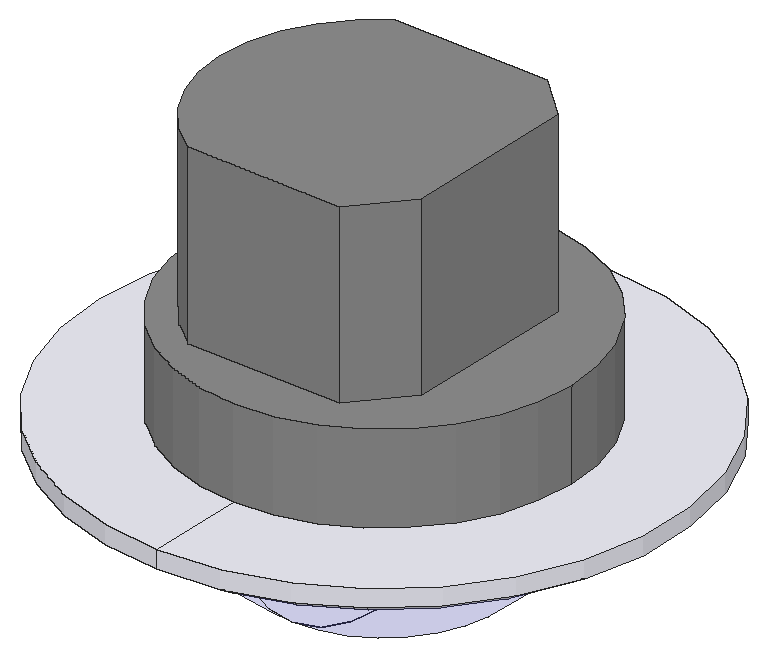
Revit family "PD4 EN types Sans hôte", category Dispositifs d'éclairage, Revit 2019
Family settings
  Conserver l'orientation des annotations = Non
  Cote de connecteur circulaire = Utiliser le diamètre
  Type d'élément = Normal
  Basée sur le plan de construction = Oui
  Toujours verticalement = Oui
  Couper avec des vides une fois chargée = Non
  Partagée = Non
  Point de calcul de pièce = Non
Parameters (values of type "01- PD4 EN Générique")
  Portée frontale [instance] = Position en hauteur * 3.2  # 800 cm
  Portée de biais [instance] = Position en hauteur * 9.6  # 2400 cm
  Hauteur de montage max préconisée [instance] = Hauteur de montage max  # 350 cm
  Hauteur de montage max = 350 cm
  Activitée assise [instance] = Position en hauteur * 2.56  # 640 cm
  Zone de detection [instance] = no
  URL = "http://www.luxomat.com"
  Type de Sortie = ""
  Température ambiante = "-25°C à +50°C"
  Référence = ""
  Relais = ""
  Position en hauteur [instance] = 250 cm
  Mode de pose = "Encastré"
  Etiquette [instance] = yes
  Modèle = "PD4 EN"
  Marque = "LUXOMAT"
  Image du type = 360°.jpg
  IP = "20"
  Fabricant = "B.E.G."
  Default Elevation = 0 cm
  Consommation = ""
  Commentaires du type = "DET.PRES.360°/Ø24M ENCASTRE"
  Code d'assemblage = "D5010200"
  Classe = "II"
  Charge LED = ""
  Charge Cos ɸ =1 = ""
  Charge Cos ɸ =0.5 = ""
  Zone assise [instance] = Position en hauteur < 350.1 cm  # yes
  Alimentation = "110-240 V AC"
Types (12, lengths in cm): name | Type de Sortie | Température ambiante | Référence | Relais | Modèle | Consommation | Commentaires du type | Charge LED | Charge Cos ɸ =1 | Charge Cos ɸ =0.5 | Alimentation
  (no name) | "" | "-25°C à +50°C" | "" | "" | "PD4 EN" | "" | "DET.PRES.360°/Ø24M ENCASTRE" | "" | "" | "" | "110-240 V AC"
  01- PD4 EN Générique | "" | "-25°C à +50°C" | "" | "" | "PD4 EN" | "" | "DET.PRES.360°/Ø24M ENCASTRE" | "" | "" | "" | "110-240 V AC"
  02- PD4 M 1C EN réf 92575 | "TOR" | "-25°C à +50°C" | "92575" | "10 A" | "PD4 M 1C EN" | "0,46 W" | "DET.PRES.MAITRE.1 CONTACT.360°/Ø24M ENCASTRE" | "300 W" | "2300 W" | "1150 VA" | "110-240 V AC"
  03- PD4 M 2C EN réf 92255 | "TOR + CVC" | "-25°C à +50°C" | "92255" | "10 A / 3 A" | "PD4 M 2C EN" | "0,47 W" | "DET.PRES.MAITRE.2 CONTACTS.360°/Ø24M ENCASTRE" | "300 W" | "2300 W" | "1150 VA" | "110-240 V AC"
  04- PD4 M 2C DUO EN réf 92252 | "2  TOR (1er jour/2ème jour)" | "-25°C à +50°C" | "92255" | "10 A" | "PD4 M 2C DUO EN" | "0,50 W" | "DET.PRES.MAITRE.DUO.2 CONTACTS.360°/Ø24M ENCASTRE" | "300 W" | "2300 W" | "1150 VA" | "110-240 V AC"
  05- PD4 M DIM EN réf 92248 | "DIM (50 ballasts maxi)" | "-25°C à +50°C" | "92248" | "10 A" | "PD4 M DIM EN" | "0,44 W" | "DET.PRES.MAITRE.DIM(1-10V).360°/Ø24M ENCASTRE" | "300 W" | "2300 W" | "1150 VA" | "110-240 V AC"
  06- PD4 M DUO DIM EN réf 92273 | "2 DIM (25 ballasts maxi-1er jour/2ème jour)" | "-25°C à +50°C" | "92273" | "10 A" | "PD4 M DUO DIM EN" | "0,45 W" | "DET.PRES.MAITRE.DUO.2 DIM(1-10V).360°/Ø24M ENCASTRE" | "300 W" | "2300 W" | "1150 VA" | "110-240 V AC"
  08- PD4N KNX ST EN réf 93385 | "KNX - 1 sortie Eclairage TOR ou GRADATION / 3 sorties Présence" | "-5°C à +45°C" | "93385" | "0" | "PD4N KNX ST EN" | "12 mA" | "DET.PRES.KNX.VERSION STANDARD.360°/Ø24M ENCASTRE" | "0" | "0" | "0" | "24 V DC par Bus KNX"
  09- PD4N KNX DX EN réf 93387 | "KNX - 1 sortie Eclairage TOR ou GRADATION / 3 sorties Présence / Capteur de température et bruit" | "-5°C à +45°C" | "93387" | "0" | "PD4N KNX DX EN" | "12 mA" | "DET.PRES.KNX.VERSION DELUXE.360°/Ø24M ENCASTRE" | "0" | "0" | "0" | "24 V DC par Bus KNX"
  07- PD4 S EN réf 92163 | "Esclave" | "-25°C à +50°C" | "92163" | "0" | "PD4 S EN" | "0,25 W" | "DET.PRES.ESCLAVE.360°/Ø24M ENCASTRE" | "0" | "0" | "0" | "110-240 V AC"
  10- PD4N KNXs ST EN réf 93515 | "KNX Sécure - 1 sortie Eclairage TOR ou GRADATION / 3 sorties Présence / HCL" | "-5°C à +45°C" | "93515" | "0" | "PD4N KNXs ST EN" | "12 mA" | "DET.PRES.KNX Sécure.VERSION STANDARD.360°/Ø24M ENCASTRE" | "0" | "0" | "0" | "24 V DC par Bus KNX"
  11- PD4N KNXs DX EN réf 93517 | "KNX Sécure - 1 sortie Eclairage TOR ou GRADATION / 3 sorties Présence / Capteur de température et bruit / HCL" | "-5°C à +45°C" | "93517" | "0" | "PD4N KNXs DX EN" | "12 mA" | "DET.PRES.KNX Sécure.VERSION DELUXE.360°/Ø24M ENCASTRE" | "0" | "0" | "0" | "24 V DC par Bus KNX"
Reference planes (cm)
  plane 1 "Centre (avant/arrière)": y = 0
  plane 2: z = 0
  plane 3 "Centre (gauche/droite)": x = 0
Dimensions and locks (cm)
  aligned and locked: level to plane 2
  aligned and locked: nested 3 to plane 3 "Centre (gauche/droite)"
  aligned and locked: nested 3 to plane 1 "Centre (avant/arrière)"
  aligned and locked: nested 3 to nested 4  (x2)
Nested families (cm)
  nested 1: "Famille4" at (5.5, -61.8256, 0), visible <- "Etiquette", modèle <- "Modèle", référence <- "Référence", type "Famille4"
    with référence "", modèle "PD4 EN"
  nested 2: "Plafond 360° 2D" at (0, 0, 0), type "Plafond 360° 2D"
  nested 3: "zone H" at (0, 0, 0), biais <- "Portée de biais", frontal <- "Portée frontale", activité assise <- "Activitée assise", Zone assise <- "Zone assise", visible <- "Zone de detection", type "zone H"
    with position 2 320 cm, position 1 800 cm, frontal 800 cm, biais 2400 cm, activité assise 640 cm, Zone assise yes
  nested 4: "M15" at (0, 0, 0), type "Standard"
Connectors (cm)
  electrical at (0, 0, 0)
    settings: index 1, voltage 230 V, apparent load 0 VA, apparent load phase1 0 VA, apparent load phase2 0 VA, apparent load phase3 0 VA, power factor 1, load classification "Eclairage", number of poles 1, system type 31, power factor state 1, is connector primary yes, connector utility no, sub classification motor no, connector description ""
Definition of nested family "M15"
  Parameters (values of type "Standard")
    d98 = 0 cm
    d312 = 0 cm
    d106 = 0 cm
  Reference planes (cm)
    plane 1 "Centre (avant/arrière)": y = 0
    plane 2: z = 0
    plane 3 "Centre (gauche/droite)": x = 0
    plane 4: x = 0
  Forms (cm)
    Revolve 1, solid, not visible
      sketch origin (0, 0, 0) x (0, -1, 0) y (0, 0, 1)
        loop
          line (0, 0) -> (0, 0.8) -> (-3.2, 0.8)
          arc (-3.2, 0.8) -> (-4.0714, 0.7033) -> (-4.85, 0.3) r 2.4
          line (-4.85, 0.3) -> (-4.85, 0) -> (0, 0)
        axis (0, 0.8) -> (0, 0)
      angle from 0 to 360
    Revolve 2, solid, not visible
      sketch origin (0, 0, 0) x (0, -1, 0) y (0, 0, 1)
        loop
          arc (0, 3) -> (-1.9416, 2.3969) -> (-3.2, 0.8) r 3.4273
          line (-3.2, 0.8) -> (0, 0.8) -> (0, 3)
        axis (0, 0.8) -> (0, 3)
      angle from 0 to 360
    Extrusion 3, solid, not visible
      sketch origin (0, 4.85, 0) x (0, 1, 0) y (1, 0, 0)
        loop
          circle (-4.85, 0) r 3.2
      from 0 to 1.5
    Extrusion 4, solid, not visible
      sketch origin (0, 4.85, -1.5) x (1, 0, 0) y (0, -1, 0)
        loop
          line (1.8, 6.3) -> (1.0868, 7.15) -> (-1.5, 7.15)
          arc (-1.5, 7.15) -> (-2.7144, 4.95) -> (-1.5, 2.75) r 2.6
          line (-1.5, 2.75) -> (1.0868, 2.75) -> (1.8, 3.4) -> (1.8, 6.3)
      from 0 to 3
    Revolve 5, solid
      sketch origin (0, 0, 0) x (0, 1, 0) y (0, 0, -1)
        loop
          line (0, 0) -> (4.85, 0) -> (4.85, 0.3)
          arc (4.85, 0.3) -> (4.0714, 0.7033) -> (3.2, 0.8) r 2.4
          line (3.2, 0.8) -> (0, 0.8) -> (0, 0)
        axis (0, 0.8) -> (0, 0)
      angle from 0 to 360
    Revolve 6, solid
      sketch origin (0, 0, 0) x (0, 1, 0) y (0, 0, -1)
        loop
          line (0, 3) -> (0, 0.8) -> (3.2, 0.8)
          arc (3.2, 0.8) -> (1.9416, 2.3969) -> (0, 3) r 3.4273
        axis (0, 0.8) -> (0, 3)
      angle from 0 to 360
    Extrusion 7, solid
      sketch origin (0, -4.85, 0) x (-1, 0, 0) y (0, -1, 0)
        loop
          circle (0, -4.85) r 3.2
      from 0 to 1.5
    Extrusion 8, solid
      sketch origin (0, -4.85, 1.5) x (0, -1, 0) y (1, 0, 0)
        loop
          line (-3.4, 1.8) -> (-6.3, 1.8) -> (-6.95, 1.0868) -> (-6.95, -1.5)
          arc (-6.95, -1.5) -> (-4.75, -2.7144) -> (-2.55, -1.5) r 2.6
          line (-2.55, -1.5) -> (-2.55, 1.0868) -> (-3.4, 1.8)
      from 0 to 3
  Dimensions and locks (cm)
    aligned and locked: level to plane 2
Definition of nested family "Famille4"
  Parameters (values of type "Famille4")
    référence [instance] = ""
    modèle [instance] = ""
  Reference planes (cm)
    plane 1: y = 0
    plane 2: x = 0
  Text (cm)
    label "référence\nmodèle" at (-0.0547, 0.0091, 0), shows "référence", "modèle"
Definition of nested family "Plafond 360° 2D"
  Reference planes (cm)
    plane 1: y = 0
    plane 2: x = 0
  Lines and regions (cm)
    Filled region 1, type "rouge"
      outline origin (0, 0, 0) x (1, 0, 0) y (0, 1, 0)
        loop
          circle (0, 0) r 0.0294
    detail lines
      curve 1: arc (-0.1732, 0.1, 0) -> (-0.2, 0, 0) -> (-0.1732, -0.1, 0) r 0.2
      curve 2: arc (-0.1, -0.1732, 0) -> (0, -0.2, 0) -> (0.1, -0.1732, 0) r 0.2
      curve 3: arc (0.1732, -0.1, 0) -> (0.2, 0, 0) -> (0.1732, 0.1, 0) r 0.2
      curve 4: arc (0.1, 0.1732, 0) -> (0, 0.2, 0) -> (-0.1, 0.1732, 0) r 0.2
      curve 5: arc (-0.1375, 0.0794, 0) -> (-0.1588, 0, 0) -> (-0.1375, -0.0794, 0) r 0.1588
      curve 6: arc (-0.0794, -0.1375, 0) -> (0, -0.1588, 0) -> (0.0794, -0.1375, 0) r 0.1588
      curve 7: arc (0.1375, -0.0794, 0) -> (0.1588, 0, 0) -> (0.1375, 0.0794, 0) r 0.1588
      curve 8: arc (0.0794, 0.1375, 0) -> (0, 0.1588, 0) -> (-0.0794, 0.1375, 0) r 0.1588
      curve 9: arc (-0.1019, 0.0588, 0) -> (-0.1176, 0, 0) -> (-0.1019, -0.0588, 0) r 0.1176
      curve 10: arc (-0.0588, -0.1019, 0) -> (0, -0.1176, 0) -> (0.0588, -0.1019, 0) r 0.1176
      curve 11: arc (0.1019, -0.0588, 0) -> (0.1176, 0, 0) -> (0.1019, 0.0588, 0) r 0.1176
      curve 12: arc (0.0588, 0.1019, 0) -> (0, 0.1176, 0) -> (-0.0588, 0.1019, 0) r 0.1176
      curve 13: arc (-0.0294, 0, 0) -> (0, -0.0294, 0) -> (0.0294, 0, 0) r 0.0294
      curve 14: arc (0.0294, 0, 0) -> (0, 0.0294, 0) -> (-0.0294, 0, 0) r 0.0294
Definition of nested family "zone H"
  Parameters (values of type "zone H")
    position 2 [instance] = (frontal / 2) * 0.8  # 320 cm
    position 1 [instance] = ((biais / 2) + (frontal / 2)) / 2  # 800 cm
    frontal [instance] = 800 cm
    biais [instance] = 2400 cm
    activité assise [instance] = 640 cm
    Zone assise [instance] = yes
  Reference planes (cm)
    plane 1 "Centre (avant/arrière)": y = 0
    plane 2: z = 0
    plane 3 "Centre (gauche/droite)": x = 0
    plane 4: x = -800
    plane 5: y = -320
  Lines and regions (cm)
    detail lines, in view "Niveau de réf.", visible <- "Zone assise"
      curve 1: circle (0, 0, 0) r 320 normal (0, 0, 1)
      curve 4: spline (-159.1609, 35.3835, 0) -> (-158.2494, 35.2529, 0) -> (-157.3931, 34.8281, 0) -> (-156.6502, 34.138, 0) -> (-156.0714, 33.2297, 0) -> (-155.6961, 32.165, 0) -> (-155.55, 31.0166, 0) -> (-155.643, 29.8626, 0) -> (-155.9687, 28.7818, 0) -> (-156.5049, 27.8477, 0) -> (-157.2152, 27.1241, 0) -> (-158.051, 26.6602, 0) -> (-158.9555, 26.4877, 0) -> (-159.867, 26.6183, 0) -> (-160.7234, 27.0431, 0) -> (-161.4663, 27.7332, 0) -> (-162.0451, 28.6415, 0) -> (-162.4203, 29.7062, 0) -> (-162.5664, 30.8546, 0) -> (-162.4735, 32.0085, 0) -> (-162.1478, 33.0894, 0) -> (-161.6115, 34.0234, 0) -> (-160.9013, 34.7471, 0) -> (-160.0654, 35.211, 0) -> (-159.1609, 35.3835, 0)
      curve 12: line (-159, 26, 0) -> (-159, 0, 0)
      curve 13: line (-159, 0, 0) -> (-142, 0, 0)
      curve 14: line (-142, 0, 0) -> (-142, -21, 0)
      curve 15: line (-159, 22.2972, 0) -> (-146.1203, 15.4489, 0)
      curve 16: line (-169.5298, 20.3537, 0) -> (-164.6439, -2.6328, 0)
      curve 17: line (-164.6439, -2.6328, 0) -> (-144.0082, -2.6328, 0)
      curve 18: line (-149.8164, -2.6328, 0) -> (-149.8164, -21, 0)
      curve 19: line (-161.3261, -2.6328, 0) -> (-161.3261, -21, 0)
      curve 31: line (-149.8151, 8.5, 0) -> (-123.3151, 8.5, 0)
      curve 32: line (-128, 8.5, 0) -> (-128, -21, 0)
      curve 35: line (-134.5, 8.5, 0) -> (-134.5, -21, 0)
    detail lines, in view "Niveau de réf."
      curve 2: circle (0, 0, 0) r 400 normal (0, 0, 1)
      curve 3: circle (0, 0, 0) r 1200 normal (0, 0, 1)
      curve 6: line (-800, -57.4473, 0) -> (-800, 25.4977, 0)
      curve 7: line (-800, 25.4977, 0) -> (-822.1638, -2.8706, 0)
      curve 10: line (0, -402.945, 0) -> (0, -320, 0)
      curve 11: line (0, -320, 0) -> (-22.1638, -348.3684, 0)
      curve 28: line (-800, 25.4977, 0) -> (-777.8362, -2.8706, 0)
      curve 29: line (0, -320, 0) -> (22.1638, -348.3684, 0)
    detail lines, in view "Niveau de réf.", visible <- "Zone assise", not visible
      curve 5: spline (932.3619, 15.8637, 0) -> (933.2734, 15.7331, 0) -> (934.1297, 15.3083, 0) -> (934.8726, 14.6182, 0) -> (935.4514, 13.7099, 0) -> (935.8267, 12.6452, 0) -> (935.9728, 11.4968, 0) -> (935.8798, 10.3428, 0) -> (935.5541, 9.262, 0) -> (935.0179, 8.3279, 0) -> (934.3076, 7.6043, 0) -> (933.4718, 7.1404, 0) -> (932.5673, 6.9679, 0) -> (931.6558, 7.0985, 0) -> (930.7994, 7.5233, 0) -> (930.0565, 8.2134, 0) -> (929.4777, 9.1217, 0) -> (929.1025, 10.1864, 0) -> (928.9564, 11.3348, 0) -> (929.0493, 12.4888, 0) -> (929.375, 13.5696, 0) -> (929.9113, 14.5037, 0) -> (930.6215, 15.2273, 0) -> (931.4574, 15.6912, 0) -> (932.3619, 15.8637, 0)
      curve 20: line (932.5228, 6.4802, 0) -> (932.5228, -19.5198, 0)
      curve 21: line (932.5228, -19.5198, 0) -> (949.5228, -19.5198, 0)
      curve 22: line (949.5228, -19.5198, 0) -> (949.5228, -40.5198, 0)
      curve 23: line (932.5228, 2.7774, 0) -> (945.4025, -4.0709, 0)
      curve 24: line (921.993, 0.8339, 0) -> (926.8789, -22.1526, 0)
      curve 25: line (926.8789, -22.1526, 0) -> (947.5146, -22.1526, 0)
      curve 26: line (941.7064, -22.1526, 0) -> (941.7064, -40.5198, 0)
      curve 27: line (930.1967, -22.1526, 0) -> (930.1967, -40.5198, 0)
      curve 33: line (941.7077, -11.0198, 0) -> (968.2077, -11.0198, 0)
      curve 34: line (963.5228, -11.0198, 0) -> (963.5228, -40.5198, 0)
      curve 36: line (957.0228, -11.0198, 0) -> (957.0228, -40.5198, 0)
    detail lines, in view "Niveau de réf.", not visible
      curve 8: line (628.0656, -64.277, 0) -> (628.0656, 18.6681, 0)
      curve 9: line (628.0656, 18.6681, 0) -> (605.9018, -9.7003, 0)
      curve 30: line (628.0656, 18.6681, 0) -> (650.2294, -9.7003, 0)
  Dimensions and locks (cm)
    "position 1": plane 4 to plane 3 "Centre (gauche/droite)"
    "position 2": plane 5 to plane 1 "Centre (avant/arrière)"
    "activité assise": diameter of curve 1
    "biais": diameter of curve 3
    "frontal": diameter of curve 2
    aligned and locked: plane 4 to curve 6
    aligned and locked: curve 10 to plane 3 "Centre (gauche/droite)"
    aligned and locked: plane 5 to curve 29
    aligned and locked: curve 14 to plane 1 "Centre (avant/arrière)"
  Automatic sketch dimensions
    curve 7 to curve 7 = 22.1638 cm
    curve 6 to curve 28 = 22.1638 cm
    curve 28 to curve 7 = 28.3684 cm
    curve 7 to curve 7 = 28.3684 cm
    curve 6 to curve 7 = 54.5767 cm
    curve 11 to curve 11 = 22.1638 cm
    curve 10 to curve 29 = 22.1638 cm
    curve 29 to curve 11 = 28.3684 cm
    curve 11 to curve 11 = 28.3684 cm
    curve 10 to curve 11 = 54.5767 cm
    curve 9 to curve 9 = 22.1638 cm
    curve 8 to curve 30 = 22.1638 cm
    curve 30 to curve 9 = 28.3684 cm
    curve 9 to curve 9 = 28.3684 cm
    curve 8 to curve 9 = 54.5767 cm
    curve 16 to curve 12 = 5.6439 cm
    curve 12 to curve 14 = 17 cm
    curve 19 to curve 13 = 2.6328 cm
    curve 16 to curve 15 = 10.5298 cm
    curve 16 to curve 19 = 3.3178 cm
    curve 4 to curve 12 = 0.1609 cm
    curve 4 to curve 4 = 0.1027 cm
    curve 18 to curve 13 = 7.8164 cm
    curve 18 to curve 31 = 0.0013 cm
    curve 31 to curve 15 = 3.6948 cm
    curve 17 to curve 13 = 2.0082 cm
    curve 13 to curve 35 = 7.5 cm
    curve 35 to curve 32 = 6.5 cm
    curve 32 to curve 31 = 4.6849 cm
    curve 35 to curve 17 = 18.3672 cm
    curve 18 to curve 35 = 0 cm
    curve 14 to curve 35 = 0 cm
    curve 19 to curve 18 = 0 cm
    curve 35 to curve 32 = 0 cm
    curve 13 to curve 31 = 8.5 cm
    curve 31 to curve 15 = 6.9489 cm
    curve 12 to curve 16 = 20.3537 cm
    curve 16 to curve 15 = 1.9435 cm
    curve 15 to curve 12 = 3.7028 cm
    curve 12 to curve 4 = 4.9356 cm
    curve 24 to curve 20 = 5.6439 cm
    curve 20 to curve 22 = 17 cm
    curve 27 to curve 21 = 2.6328 cm
    curve 24 to curve 23 = 10.5298 cm
    curve 24 to curve 27 = 3.3178 cm
    curve 5 to curve 20 = 0.1609 cm
    curve 5 to curve 5 = 0.1027 cm
    curve 26 to curve 21 = 7.8164 cm
    curve 26 to curve 33 = 0.0013 cm
    curve 33 to curve 23 = 3.6948 cm
    curve 25 to curve 21 = 2.0082 cm
    curve 21 to curve 36 = 7.5 cm
    curve 36 to curve 34 = 6.5 cm
    curve 34 to curve 33 = 4.6849 cm
    curve 36 to curve 25 = 18.3672 cm
    curve 26 to curve 36 = 0 cm
    curve 22 to curve 36 = 0 cm
    curve 27 to curve 26 = 0 cm
    curve 36 to curve 34 = 0 cm
    curve 21 to curve 33 = 8.5 cm
    curve 33 to curve 23 = 6.9489 cm
    curve 20 to curve 24 = 20.3537 cm
    curve 24 to curve 23 = 1.9435 cm
    curve 23 to curve 20 = 3.7028 cm
    curve 20 to curve 5 = 4.9356 cm
    curve 1 to curve 2 = 0 cm  (x2)
    curve 1 to curve 3 = 0 cm  (x2)
    curve 2 to curve 3 = 0 cm  (x2)
    plane 1 "Centre (avant/arrière)" to curve 2 = 0 cm
    curve 2 to plane 3 "Centre (gauche/droite)" = 0 cm
